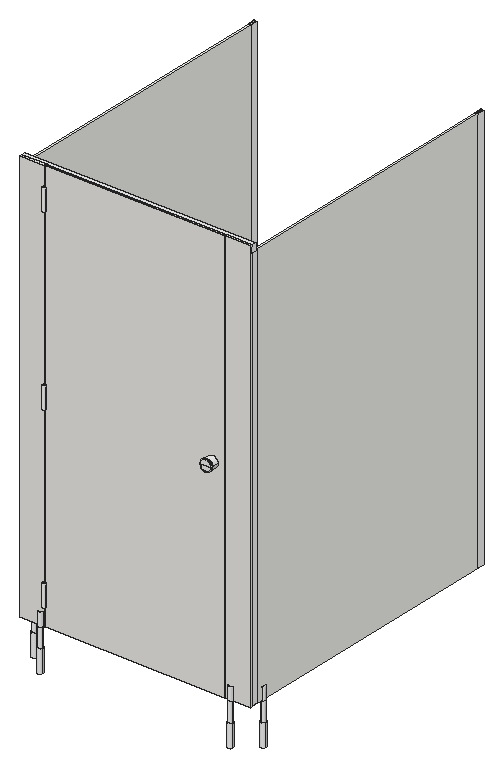
Revit family "Alsanit - Kabiny sanitarne SOLARI - HPL", category Doors, Revit 2020
Family settings
  Work Plane-Based = No
  Always vertical = Yes
  Cut with Voids When Loaded = No
  Shared = No
  Room Calculation Point = No
Parameters (values of type "10 mm")
  Width = 0.00 mm  # constant formula
  Type Comments = "Kabiny sanitarne (ścianki giszetowe do WC)"
  Thickness = Grubość ścianki  # 10.00 mm
  Szerokość drzwi (max. 1000 mm) [instance] = 800.00 mm
  Rough Width = 0.00 mm  # constant formula
  Rough Height = 0.00 mm  # constant formula
  Podcięcie na geberit - prawe [instance] = no
  Podcięcie na geberit - prawa wartość [instance] = if([Podcięcie na geberit - prawe], Szerokość wewnętrzna modułu / 2 + 50.00 mm, 5.00 mm)  # 5.00 mm
  Podcięcie na geberit - odsunięcie poziome wartość [instance] = if([Podcięcie na geberit - odsunięcie poziome] = 0.00 mm, 5.00 mm, [Podcięcie na geberit - odsunięcie poziome])  # 5.00 mm
  Podcięcie na geberit - odsunięcie poziome [instance] = 0.00 mm
  Podcięcie na geberit - odsunięcie pionowe wartość [instance] = if([Podcięcie na geberit - odsunięcie pionowe] = 0.00 mm, 5.00 mm, [Podcięcie na geberit - odsunięcie pionowe])  # 5.00 mm
  Podcięcie na geberit - odsunięcie pionowe [instance] = 0.00 mm
  Podcięcie na geberit - lewe [instance] = no
  Podcięcie na geberit - lewa wartość [instance] = if([Podcięcie na geberit - lewe], Szerokość wewnętrzna modułu / 2 + 50.00 mm, 5.00 mm)  # 5.00 mm
  Krótki opis = "Kabiny sanitarne ALSANIT posiadające oznaczenie CE zgodnie z parametrami systemu"
  Typ - kabina podwyższana [instance] = no
  Typ - kabina bez prześwitu [instance] = no
  Height = 0.00 mm  # constant formula
  Function = Interior
  Film Instruktażowy = "https://youtu.be/qyrI1CfgFO4"
  Define Thermal Properties by = Schematic Type
  Construction Type = "Kabiny sanitarne"
  Analytic Construction = "<None>"
  Akcesoria - wzmocnienie pionowe prawe [instance] = [Odsunięcie prawej ścianki od osi (min. 70 mm)] > 399.00 mm  # no
  Akcesoria - wzmocnienie pionowe lewe [instance] = (Szerokość wewnętrzna modułu - [Szerokość drzwi (max. 1000 mm)] - [Odsunięcie prawej ścianki od osi (min. 70 mm)]) > 400.00 mm  # no
  Wysokość ścianki łączącej [instance] = if([2030], 2000.00 mm, if(Prawa strona połączona, 2000.00 mm, [Wysokość modułu (2050 - 2600 mm)] - 10.00 mm))  # 2000.00 mm
  Szerokość zewnętrzna modułu [instance] = 1026.00 mm
  Szerokość wewnętrzna modułu [instance] = 1000.00 mm
  Szerokość obliczona [instance] = if(and(Lewa strona przy ścianie, Prawa strona przy ścianie), Szerokość wewnętrzna modułu - 2 * (Grubość ścianki + 7.00 mm), if(or(Lewa strona przy ścianie, Prawa strona przy ścianie), Szerokość wewnętrzna modułu - Grubość ścianki - 7.00 mm, Szerokość wewnętrzna modułu))  # 1000.00 mm
  Odsunięcie ścianki lewej [instance] = if([2600], 10.00 mm, 30.00 mm)  # 30.00 mm
  Odsunięcie górne ścianek frontowych [instance] = if(Belka usztywniająca wzmocniona, 20.00 mm, if([2600], 10.00 mm, 0.00 mm))  # 0.00 mm
  Wysokość szczeliny drzwi [instance] = if([0], 30.00 mm, 188.00 mm)  # 188.00 mm
  Odsunięcie profili w ściance łączącej [instance] = if([2030], 0.00 mm, if(Prawa strona połączona, 0.00 mm, 20.00 mm))  # 0.00 mm
  Wysokość modułu (2050 - 2600 mm) [instance] = 2500.00 mm
  Wysokość modułu [instance] = if([2030], 2030.00 mm, if([Wysokość modułu (2050 - 2600 mm)] < 2050.00 mm, 2050.00 mm, if([Wysokość modułu (2050 - 2600 mm)] > 2600.00 mm, 2600.00 mm, [Wysokość modułu (2050 - 2600 mm)])))  # 2030.00 mm
  Wysokość dolnej szczeliny [instance] = if([0], 1.50 mm, 188.00 mm)  # 188.00 mm
  Wysokość belek frontowych bocznych [instance] = if([0], 0.00 mm, 188.00 mm)  # 188.00 mm
  URL = "https://www.alsanit.pl/"
  Typ 2600 prawa strona zamknięta [instance] = and([2600], Prawa strona zamknięta)  # no
  Typ 2600 lewa strona zamknięta [instance] = and([2600], Lewa strona zamknięta)  # no
  Typ 188 prawa strona nie przy ścianie [instance] = and([188], (Prawa strona zamknięta))  # yes
  Typ 188 lewa strona zamknięta [instance] = and([188], Lewa strona zamknięta)  # yes
  Typ 00 prawa strona nie przy ścianie [instance] = and([0], not(Prawa strona przy ścianie))  # no
  Typ 00 lewa strona zamknięta [instance] = and([0], Lewa strona zamknięta)  # no
  2600 [instance] = [Typ - kabina podwyższana]  # no
  2030 [instance] = not([Typ - kabina podwyższana])  # yes
  188 [instance] = not([Typ - kabina bez prześwitu])  # yes
  0 [instance] = [Typ - kabina bez prześwitu]  # no
  Rodzaj płyt = "HPL - Wysokociśnieniowy laminat kompaktowy"
  Prawe odsunięcie belki dolnej [instance] = if(Prawa strona przy ścianie, 30.00 mm, 0.00 mm)  # 0.00 mm
  Prawa strona niepołączona [instance] = not(Prawa strona połączona)  # yes
  Prawe odsunięcie belki wzmocnionej [instance] = if([2030], 0.00 mm, if(Prawa strona zamknięta, Prawe odsunięcie osi + Grubość ścianki / 2 + 1.50 mm, 0.00 mm))  # 0.00 mm
  Odsunięcie górne belek frontowych [instance] = if(Belka usztywniająca wzmocniona, 30.00 mm, if([2600], 30.00 mm, 0.00 mm))  # 0.00 mm
  Odsunięcie belek od dołu [instance] = if([0], 28.50 mm, 0.00 mm)  # 0.00 mm
  Lewe odsunięcie belki wzmocnionej [instance] = if([2030], 0.00 mm, if(Lewa strona zamknięta, Prawe odsunięcie osi + Grubość ścianki / 2 + 1.50 mm, 0.00 mm))  # 0.00 mm
  Model = "SOLARI"
  Manufacturer = "Alsanit"
  Lewe odsunięcie belki dolnej [instance] = if(Lewa strona przy ścianie, 30.00 mm, 0.00 mm)  # 0.00 mm
  Lewa strona niepołączona [instance] = not(Lewa strona połączona)  # yes
  Głębokość modułu (max. 1500 mm) [instance] = 1290.00 mm
  Głębokość modułu [instance] = if([Głębokość modułu (max. 1500 mm)] > 1500.00 mm, 1500.00 mm, [Głębokość modułu (max. 1500 mm)])  # 1290.00 mm
  Description = "Kabiny sanitarne SOLARI to idealna kombinacja trwałości i estetyki w najnowszej cenie. Ze względu na estetyczność zastosowań jest najchętniej kupowanym systemem kabin sanitarnych w Polsce."
  Belka usztywniająca wzmocniona [instance] = and([2030], Szerokość wewnętrzna modułu > 1300.00 mm)  # no
  Belka usztywniająca [instance] = not(Belka usztywniająca wzmocniona)  # yes
  Autor = "www.archispace.pl"
  Orientacja - na zewnątrz [instance] = not([Orientacja - do wewnątrz])  # yes
  Orientacja - do wewnątrz [instance] = no
  Wysokość drzwi [instance] = if(Belka usztywniająca wzmocniona, 1990.00 mm, if([2600], 2015.00 mm, 2030.00 mm))  # 2030.00 mm
  Ścianka łącząca [instance] = not(Prawa strona przy ścianie)  # yes
  Szerokość drzwi [instance] = if([Szerokość drzwi (max. 1000 mm)] > 1000.00 mm, 1000.00 mm, [Szerokość drzwi (max. 1000 mm)])  # 800.00 mm
  Prawe odsunięcie osi [instance] = if(Prawa strona zamknięta, Grubość ścianki / 2 + 3.00 mm, if(Prawa strona przy ścianie, Grubość ścianki / 2 + 7.00 mm, 0.00 mm))  # 8.00 mm
  Prawa strona zamknięta typ = Rodzaj połączenia : Zamknięta
  Prawa strona zamknięta [instance] = [Połączenie - prawa strona] = Prawa strona zamknięta typ  # yes
  Prawa strona przy ścianie typ = Rodzaj połączenia : Przy ścianie
  Prawa strona przy ścianie [instance] = [Połączenie - prawa strona] = Prawa strona przy ścianie typ  # no
  Prawa strona połączona typ = Rodzaj połączenia : Połączona
  Prawa strona połączona [instance] = [Połączenie - prawa strona] = Prawa strona połączona typ  # no
  Prawe odsunięcie osi panelu [instance] = if(Prawa strona przy ścianie, 10.00 mm, 0.00 mm)  # 0.00 mm
  Odsunięcie prawej ścianki od osi (min. 70 mm) [instance] = 102.00 mm
  Połączenie - prawa strona [instance] = Rodzaj połączenia : Zamknięta
  Orientacja - odbij lustrzanie [instance] = no
  Materiał płyt = Alsanit - HPL - Biały 9016
  Materiał okuć = Alsanit - Aluminium
  Materiał wsporników = Alsanit - Aluminium
  Materiał belek = Alsanit - Aluminium
  Lewe odsunięcie osi panelu [instance] = if(Lewa strona przy ścianie, 10.00 mm, 0.00 mm)  # 0.00 mm
  Lewe odsunięcie osi [instance] = if(Lewa strona zamknięta, Grubość ścianki / 2 + 3.00 mm, if(Lewa strona przy ścianie, Grubość ścianki / 2 + 7.00 mm, 0.00 mm))  # 8.00 mm
  Lewa strona zamknięta typ = Rodzaj połączenia : Zamknięta
  Lewa strona zamknięta [instance] = [Połączenie - lewa strona] = Lewa strona zamknięta typ  # yes
  Lewa strona przy ścianie typ = Rodzaj połączenia : Przy ścianie
  Lewa strona przy ścianie [instance] = [Połączenie - lewa strona] = Lewa strona przy ścianie typ  # no
  Lewa strona połączona typ = Rodzaj połączenia : Połączona
  Lewa strona połączona [instance] = [Połączenie - lewa strona] = Lewa strona połączona typ  # no
  Odsunięcie lewej ścianki od osi (min. 70 mm) [instance] = 102.00 mm
  Połączenie - lewa strona [instance] = Rodzaj połączenia : Zamknięta
  Grubość ścianki = 10.00 mm
  Default Elevation = 0.00 mm
  Orientacja - bez odbicia [instance] = not([Orientacja - odbij lustrzanie])  # yes
Reference planes
  plane 1 "Center (Front/Back)": y = 0
  plane 2: z = 0
  plane 3 "Center (Left/Right)": x = 0
  plane 4: x = -500
  plane 5: x = 500
  plane 6: x = 505
  plane 7: x = 510
  plane 8: x = -505
  plane 9: x = -510
  plane 10: y = -1290
  plane 11: y = -1300
  plane 12: y = -10
  plane 13: y = -1284
  plane 14: y = -1295
  plane 15 "Lewa oś wstawienia": x = -513
  plane 16 "Prawa oś wstawienia": x = 513
  plane 17: y = -1224.5
  plane 18: x = 403
  plane 19: x = 400
  plane 20: x = -400
  plane 21: x = -403
  plane 22 "Prawe odsunięcie osi panelu": x = 513
  plane 23 "Lewe odsunięcie osi panelu": x = -513
  plane 24: x = 0
  plane 25: x = -423.5
  plane 26: x = 423.5
  plane 27: z = 188
  plane 28 "Wysokość modułu": z = 2030
  plane 29 "Odsunięcie górne ścianek frontowych": z = 2030
  plane 30: y = -1288.5
  plane 31: x = -513
  plane 32: x = 513
  plane 33: z = 100
  plane 34: z = 243.5
  plane 35: z = 2000
  plane 36: z = 188
  plane 37: x = -513
  plane 38: x = 513
  plane 39: z = 188
  plane 40: z = 2000
  plane 41: z = 2030
  plane 42: z = 2000
  plane 43: z = 2030
  plane 44: z = 2035
  plane 45: z = 2000
  plane 46: z = 2000
  plane 47: z = 2030
  plane 48: z = 2000
  plane 49: z = 2030
  plane 50: x = 593
  plane 51: x = -593
  plane 52: z = 2000
  plane 53: z = 2000
  plane 54: z = 2000
  plane 55: z = 2000
  plane 56: x = -5
  plane 57: x = 5
  plane 58: z = 5
  plane 59: y = -5
  plane 60: z = 5
  plane 61: y = -5
Forms (mm)
  Sweep 1, solid, material "Alsanit - HPL - Biały 9016" <- "Materiał płyt", visible <- "Ścianka łącząca"
    path origin (0, 0, 0) x (1, 0, 0) y (0, 0, 1)
      loop
        line (505, 188) -> (505, 2000)
    profile origin (505, 0, 1094) x (-1, 0, 0) y (0, -1, 0)
      loop
        line (5, 10) -> (5, 1284) -> (-5, 1284) -> (-5, 10) -> (5, 10)
  Sweep 2, solid, material "Alsanit - HPL - Biały 9016" <- "Materiał płyt", visible <- "Lewa strona zamknięta"
    path origin (0, 0, 0) x (-1, 0, 0) y (0, 0, 1)
      loop
        line (505, 188) -> (505, 2000)
    profile origin (-505, 0, 1094) x (-1, 0, 0) y (0, -1, 0)
      loop
        line (-5, 10) -> (5, 10) -> (5, 1284) -> (-5, 1284) -> (-5, 10)
  Sweep 3, solid, material "Alsanit - Aluminium" <- "Materiał belek", visible <- "Ścianka łącząca", detail levels medium+fine
    path origin (0, 0, 0) x (1, 0, 0) y (0, 0, 1)
      loop
        line (505, 2000) -> (505, 188)
    profile "U-profile : U-profile" origin (505, 0, 1094) x (1, 0, 0) y (0, -1, 0)
      loop
        line (6.5, 0) -> (6.5, 30) -> (5, 30) -> (5, 1.5) -> (-5, 1.5) -> (-5, 30) -> (-6.5, 30) -> (-6.5, 0) -> (6.5, 0)
  Sweep 4, solid, material "Alsanit - Aluminium" <- "Materiał belek", visible <- "Lewa strona zamknięta", detail levels medium+fine
    path origin (0, 0, 0) x (-1, 0, 0) y (0, 0, 1)
      loop
        line (505, 2000) -> (505, 188)
    profile "U-profile : U-profile" origin (-505, 0, 1094) x (1, 0, 0) y (0, -1, 0)
      loop
        line (6.5, 0) -> (6.5, 30) -> (5, 30) -> (5, 1.5) -> (-5, 1.5) -> (-5, 30) -> (-6.5, 30) -> (-6.5, 0) -> (6.5, 0)
  Sweep 5, solid, material "Alsanit - Aluminium" <- "Materiał belek", visible <- "Lewa strona zamknięta", detail levels medium+fine
    path origin (673.537, -1290, 1200) x (1, 0, 0) y (0, 0, 1)
      loop
        line (-1178.537, 800) -> (-1178.537, -1012)
    profile "U-profile : U-profile" origin (-505, -1290, 1094) x (1, 0, 0) y (0, -1, 0)
      loop
        line (-6.5, 0) -> (-6.5, -30) -> (-5, -30) -> (-5, -1.5) -> (5, -1.5) -> (5, -30) -> (6.5, -30) -> (6.5, 0) -> (-6.5, 0)
  Sweep 6, solid, material "Alsanit - Aluminium" <- "Materiał belek", visible <- "Ścianka łącząca", detail levels medium+fine
    path origin (673.537, -1290, 1200) x (1, 0, 0) y (0, 0, 1)
      loop
        line (-168.537, 800) -> (-168.537, -1012)
    profile "U-profile : U-profile" origin (505, -1290, 1094) x (1, 0, 0) y (0, -1, 0)
      loop
        line (-6.5, 0) -> (-6.5, -30) -> (-5, -30) -> (-5, -1.5) -> (5, -1.5) -> (5, -30) -> (6.5, -30) -> (6.5, 0) -> (-6.5, 0)
  Extrusion 7, solid, material "Alsanit - HPL - Biały 9016" <- "Materiał płyt", detail levels medium+fine
    sketch origin (0, 0, 0) x (1, 0, 0) y (0, 1, 0)
      loop
        line (-513, -1290) -> (-513, -1300) -> (-403, -1300) -> (-403, -1290) -> (-513, -1290)
    from 188 to 2030
  Extrusion 8, solid, material "Alsanit - HPL - Biały 9016" <- "Materiał płyt", detail levels medium+fine
    sketch origin (0, 0, 0) x (-1, 0, 0) y (0, -1, 0)
      loop
        line (-513, 1290) -> (-403, 1290) -> (-403, 1300) -> (-513, 1300) -> (-513, 1290)
    from 188 to 2030
  Sweep 9, solid, material "Alsanit - Aluminium" <- "Materiał belek", visible <- "Lewa strona przy ścianie", detail levels medium+fine
    path origin (-771.956, -1295, 1200) x (-1, 0, 0) y (0, 0, 1)
      loop
        line (-258.956, -1012) -> (-258.956, 830)
    profile "U-profile : U-profile" origin (-513, -1295, 1109) x (1, 0, 0) y (0, 1, 0)
      loop
        line (0, -6.5) -> (30, -6.5) -> (30, -5) -> (1.5, -5) -> (1.5, 5) -> (30, 5) -> (30, 6.5) -> (0, 6.5) -> (0, -6.5)
  Sweep 10, solid, material "Alsanit - Aluminium" <- "Materiał belek", visible <- "Prawa strona przy ścianie", detail levels medium+fine
    path origin (771.956, -1295, 1200) x (1, 0, 0) y (0, 0, -1)
      loop
        line (-258.956, 1012) -> (-258.956, -830)
    profile "U-profile : U-profile" origin (513, -1295, 1109) x (1, 0, 0) y (0, 1, 0)
      loop
        line (0, 6.5) -> (-30, 6.5) -> (-30, 5) -> (-1.5, 5) -> (-1.5, -5) -> (-30, -5) -> (-30, -6.5) -> (0, -6.5) -> (0, 6.5)
  Sweep 11, solid, material "Alsanit - Aluminium" <- "Materiał belek", visible <- "Belka usztywniająca", detail levels medium+fine
    path origin (673.537, -1290, 1200) x (1, 0, 0) y (0, 0, 1)
      loop
        line (-1186.537, 830) -> (-160.537, 830)
    profile origin (0, -1290, 2030) x (0, 0, 1) y (0, -1, 0)
      loop
        line (0, 0) -> (-30, 0) -> (-30, -18) -> (0, -18) -> (0, 0)
  Extrusion 12, solid, material "Alsanit - HPL - Biały 9016" <- "Materiał płyt", detail levels coarse
    sketch origin (0, 0, 0) x (1, 0, 0) y (0, 1, 0)
      loop
        line (-513, -1290) -> (-513, -1300) -> (513, -1300) -> (513, -1290) -> (-513, -1290)
    from 188 to 2030
  Sweep 13, solid, material "Alsanit - Aluminium" <- "Materiał belek", visible <- "Typ 2600 lewa strona zamknięta", detail levels medium+fine
    path origin (-998.294, -1524, 2030) x (-1, 0, 0) y (0, -1, 0)
      loop
        line (-493.294, -1524) -> (-493.294, -235.5)
    profile "U-profile : U-profile" origin (-505, -644.25, 2030) x (1, 0, 0) y (0, 0, 1)
      loop
        line (-6.5, 0) -> (-6.5, -30) -> (-5, -30) -> (-5, -1.5) -> (5, -1.5) -> (5, -30) -> (6.5, -30) -> (6.5, 0) -> (-6.5, 0)
  Sweep 14, solid, material "Alsanit - Aluminium" <- "Materiał belek", visible <- "Typ 2600 prawa strona zamknięta", detail levels medium+fine
    path origin (-998.294, -1524, 2030) x (-1, 0, 0) y (0, -1, 0)
      loop
        line (-1503.294, -1524) -> (-1503.294, -235.5)
    profile "U-profile : U-profile" origin (505, -644.25, 2030) x (1, 0, 0) y (0, 0, 1)
      loop
        line (-6.5, 0) -> (-6.5, -30) -> (-5, -30) -> (-5, -1.5) -> (5, -1.5) -> (5, -30) -> (6.5, -30) -> (6.5, 0) -> (-6.5, 0)
  Sweep 15, solid, material "Alsanit - Aluminium" <- "Materiał belek", not visible, detail levels medium+fine
    path origin (-771.956, -1295, 4200) x (-1, 0, 0) y (0, 0, 1)
      loop
        line (-258.956, -2170) -> (-1284.956, -2170)
    profile "U-profile : U-profile" origin (0, -1295, 2030) x (0, 0, -1) y (0, 1, 0)
      loop
        line (0, -6.5) -> (30, -6.5) -> (30, -5) -> (1.5, -5) -> (1.5, 5) -> (30, 5) -> (30, 6.5) -> (0, 6.5) -> (0, -6.5)
  Sweep 16, solid, material "Alsanit - Aluminium" <- "Materiał belek", visible <- "2600", detail levels medium+fine
    path origin (-771.956, -1295, 1200) x (-1, 0, 0) y (0, 0, 1)
      loop
        line (-258.956, 830) -> (-1284.956, 830)
    profile "U-profile : U-profile" origin (0, -1295, 2030) x (0, 0, -1) y (0, 1, 0)
      loop
        line (0, -6.5) -> (30, -6.5) -> (30, -5) -> (1.5, -5) -> (1.5, 5) -> (30, 5) -> (30, 6.5) -> (0, 6.5) -> (0, -6.5)
  Sweep 17, solid, material "Alsanit - Aluminium" <- "Materiał wsporników", visible <- "Typ 188 prawa strona nie przy ścianie"
    path origin (516, -1224.5, 1200) x (1, 0, 0) y (0, 0, 1)
      loop
        line (-516, -1200) -> (-516, -1100)
    profile origin (0, -1224.5, 50) x (-1, 0, 0) y (0, -1, 0)
      loop
        circle (-510, 0) r 11
  Sweep 18, solid, material "Alsanit - Aluminium" <- "Materiał wsporników", visible <- "Typ 188 lewa strona zamknięta"
    path origin (362, -1224.5, 1200) x (1, 0, 0) y (0, 0, 1)
      loop
        line (-314, -1200) -> (-314, -1100)
    profile origin (48, -1224.5, 50) x (-1, 0, 0) y (0, -1, 0)
      loop
        circle (558, 0) r 11
  Sweep 19, solid, material "Alsanit - Aluminium" <- "Materiał wsporników", visible <- "Typ 188 prawa strona nie przy ścianie"
    path origin (516, -1224.5, 1200) x (1, 0, 0) y (0, 0, 1)
      loop
        line (-516, -956.5) -> (-516, -1012)
    profile origin (0, -1224.5, 215.75) x (0, -1, 0) y (1, 0, 0)
      loop
        line (-10, 510) -> (10, 510)
        arc (10, 510) -> (0, 520) -> (-10, 510) r 10
  Sweep 20, solid, material "Alsanit - Aluminium" <- "Materiał wsporników", visible <- "Typ 188 lewa strona zamknięta"
    path origin (362, -1224.5, 1200) x (1, 0, 0) y (0, 0, 1)
      loop
        line (-314, -1012) -> (-314, -956.5)
    profile origin (48, -1224.5, 215.75) x (-1, 0, 0) y (0, -1, 0)
      loop
        line (558, 10) -> (558, -10)
        arc (558, -10) -> (568, 0) -> (558, 10) r 10
  Sweep 21, solid, material "Alsanit - Aluminium" <- "Materiał wsporników", visible <- "Typ 188 prawa strona nie przy ścianie"
    path origin (516, -1224.5, 1200) x (1, 0, 0) y (0, 0, 1)
      loop
        line (-516, -1012) -> (-516, -1100)
    profile origin (0, -1224.5, 144) x (0, -1, 0) y (1, 0, 0)
      loop
        circle (0, 510) r 10
  Sweep 22, solid, material "Alsanit - Aluminium" <- "Materiał wsporników", visible <- "Typ 188 lewa strona zamknięta"
    path origin (362, -1224.5, 1200) x (1, 0, 0) y (0, 0, 1)
      loop
        line (-314, -1100) -> (-314, -1012)
    profile origin (48, -1224.5, 144) x (-1, 0, 0) y (0, -1, 0)
      loop
        circle (558, 0) r 10
  Sweep 23, solid, material "Alsanit - Aluminium" <- "Materiał wsporników", visible <- "188"
    path origin (-817.898, -1300, 1200) x (-1, 0, 0) y (0, 0, 1)
      loop
        line (-394.398, -1200) -> (-394.398, -1100)
    profile origin (-423.5, -1300, 50) x (1, 0, 0) y (0, 1, 0)
      loop
        circle (0, 0) r 11
  Sweep 24, solid, material "Alsanit - Aluminium" <- "Materiał wsporników", visible <- "188"
    path origin (-817.898, -1300, 1200) x (-1, 0, 0) y (0, 0, 1)
      loop
        line (-394.398, -1012) -> (-394.398, -956.5)
    profile origin (-423.5, -1300, 215.75) x (1, 0, 0) y (0, 1, 0)
      loop
        line (10, 0) -> (-10, 0)
        arc (-10, 0) -> (0, -10) -> (10, 0) r 10
  Sweep 25, solid, material "Alsanit - Aluminium" <- "Materiał wsporników", visible <- "188"
    path origin (-817.898, -1300, 1200) x (-1, 0, 0) y (0, 0, 1)
      loop
        line (-394.398, -1100) -> (-394.398, -1012)
    profile origin (-423.5, -1300, 144) x (1, 0, 0) y (0, 1, 0)
      loop
        circle (0, 0) r 10
  Sweep 26, solid, material "Alsanit - Aluminium" <- "Materiał wsporników", visible <- "188"
    path origin (-817.898, -1300, 1200) x (-1, 0, 0) y (0, 0, 1)
      loop
        line (-1241.398, -1200) -> (-1241.398, -1100)
    profile origin (423.5, -1300, 50) x (1, 0, 0) y (0, 1, 0)
      loop
        circle (0, 0) r 11
  Sweep 27, solid, material "Alsanit - Aluminium" <- "Materiał wsporników", visible <- "188"
    path origin (-817.898, -1300, 1200) x (-1, 0, 0) y (0, 0, 1)
      loop
        line (-1241.398, -1012) -> (-1241.398, -956.5)
    profile origin (423.5, -1300, 215.75) x (1, 0, 0) y (0, 1, 0)
      loop
        arc (-10, 0) -> (0, -10) -> (10, 0) r 10
        line (10, 0) -> (-10, 0)
  Sweep 28, solid, material "Alsanit - Aluminium" <- "Materiał wsporników", visible <- "188"
    path origin (-817.898, -1300, 1200) x (-1, 0, 0) y (0, 0, 1)
      loop
        line (-1241.398, -1100) -> (-1241.398, -1012)
    profile origin (423.5, -1300, 144) x (1, 0, 0) y (0, 1, 0)
      loop
        circle (0, 0) r 10
  Sweep 29, solid, material "Alsanit - Aluminium" <- "Materiał belek", visible <- "Typ 00 lewa strona zamknięta"
    path origin (0, 0, 0) x (1, 0, 0) y (0, 1, 0)
      loop
        line (-505, 0) -> (-505, -1290)
    profile "U-profile : U-profile" origin (-505, -645, 0) x (1, 0, 0) y (0, 0, 1)
      loop
        line (6.5, 0) -> (6.5, 30) -> (5, 30) -> (5, 1.5) -> (-5, 1.5) -> (-5, 30) -> (-6.5, 30) -> (-6.5, 0) -> (6.5, 0)
  Sweep 30, solid, material "Alsanit - Aluminium" <- "Materiał belek", visible <- "Typ 00 prawa strona nie przy ścianie"
    path origin (0, 0, 0) x (-1, 0, 0) y (0, -1, 0)
      loop
        line (-505, 0) -> (-505, 1290)
    profile "U-profile : U-profile" origin (505, -645, 0) x (1, 0, 0) y (0, 0, 1)
      loop
        line (-6.5, 0) -> (6.5, 0) -> (6.5, 30) -> (5, 30) -> (5, 1.5) -> (-5, 1.5) -> (-5, 30) -> (-6.5, 30) -> (-6.5, 0)
  Sweep 31, solid, material "Alsanit - Aluminium" <- "Materiał belek", visible <- "0"
    path origin (0, 0, 0) x (1, 0, 0) y (0, 1, 0)
      loop
        line (-513, -1295) -> (-403, -1295)
    profile "U-profile : U-profile" origin (-458, -1295, 0) x (0, 1, 0) y (0, 0, 1)
      loop
        line (6.5, 0) -> (6.5, 30) -> (5, 30) -> (5, 1.5) -> (-5, 1.5) -> (-5, 30) -> (-6.5, 30) -> (-6.5, 0) -> (6.5, 0)
  Sweep 32, solid, material "Alsanit - Aluminium" <- "Materiał belek", visible <- "0"
    path origin (0, 0, 0) x (-1, 0, 0) y (0, -1, 0)
      loop
        line (-513, 1295) -> (-403, 1295)
    profile "U-profile : U-profile" origin (458, -1295, 0) x (0, -1, 0) y (0, 0, 1)
      loop
        line (-6.5, 0) -> (6.5, 0) -> (6.5, 30) -> (5, 30) -> (5, 1.5) -> (-5, 1.5) -> (-5, 30) -> (-6.5, 30) -> (-6.5, 0)
  Sweep 33, solid, material "Alsanit - HPL - Biały 9016" <- "Materiał płyt", visible <- "2600", detail levels medium+fine
    path origin (-771.956, -1295, 1200) x (-1, 0, 0) y (0, 0, 1)
      loop
        line (-771.956, 830) -> (-771.956, 835)
    profile origin (0, -1295, 2032.5) x (1, 0, 0) y (0, 1, 0)
      loop
        line (400, -5) -> (400, 5) -> (-400, 5) -> (-400, -5) -> (400, -5)
  Sweep 34, solid, material "Alsanit - HPL - Biały 9016" <- "Materiał płyt", visible <- "Akcesoria - wzmocnienie pionowe prawe", detail levels medium+fine
    path origin (-771.956, -1295, 1200) x (-1, 0, 0) y (0, 0, 1)
      loop
        line (-1364.956, -1012) -> (-1364.956, 800)
    profile origin (593, -1295, 1094) x (1, 0, 0) y (0, 1, 0)
      loop
        line (-5, 11) -> (5, 11) -> (5, 106) -> (-5, 106) -> (-5, 11)
  Sweep 35, solid, material "Alsanit - Aluminium" <- "Materiał belek", visible <- "Akcesoria - wzmocnienie pionowe prawe", detail levels medium+fine
    path origin (673.537, -1290, 1200) x (1, 0, 0) y (0, 0, 1)
      loop
        line (-80.537, -1012) -> (-80.537, 800)
    profile "U-profile : U-profile" origin (593, -1290, 1094) x (-1, 0, 0) y (0, -1, 0)
      loop
        line (-6.5, 0) -> (-6.5, -30) -> (-5, -30) -> (-5, -1.5) -> (5, -1.5) -> (5, -30) -> (6.5, -30) -> (6.5, 0) -> (-6.5, 0)
  Sweep 36, solid, material "Alsanit - HPL - Biały 9016" <- "Materiał płyt", visible <- "Akcesoria - wzmocnienie pionowe lewe", detail levels medium+fine
    path origin (1162.956, -1295, 1200) x (1, 0, 0) y (0, 0, -1)
      loop
        line (-1755.956, 1012) -> (-1755.956, -800)
    profile origin (-593, -1295, 1094) x (1, 0, 0) y (0, 1, 0)
      loop
        line (5, 11) -> (5, 106) -> (-5, 106) -> (-5, 11) -> (5, 11)
  Sweep 37, solid, material "Alsanit - Aluminium" <- "Materiał belek", visible <- "Akcesoria - wzmocnienie pionowe lewe", detail levels medium+fine
    path origin (673.537, -1290, 1200) x (1, 0, 0) y (0, 0, 1)
      loop
        line (-1266.537, -1012) -> (-1266.537, 800)
    profile "U-profile : U-profile" origin (-593, -1290, 1094) x (-1, 0, 0) y (0, -1, 0)
      loop
        line (6.5, 0) -> (-6.5, 0) -> (-6.5, -30) -> (-5, -30) -> (-5, -1.5) -> (5, -1.5) -> (5, -30) -> (6.5, -30) -> (6.5, 0)
  Sweep 38, solid, material "Alsanit - Aluminium" <- "Materiał belek", visible <- "Belka usztywniająca wzmocniona"
    path origin (0, -160, 0) x (1, 0, 0) y (0, 1, 0)
      loop
        line (-513, -1135) -> (513, -1135)
    profile origin (0, -1295, 0) x (0, 1, 0) y (0, 0, 1)
      loop
        line (-5, 2000) -> (-5, 2010.006) -> (5, 2010.006) -> (5, 2000) -> (14.963, 2000)
        arc (14.963, 2000) -> (16.154, 2000.393) -> (16.876, 2001.416) r 2
        arc (16.876, 2001.416) -> (19.052, 2016.003) -> (16.878, 2030.59) r 50
        arc (16.878, 2030.59) -> (16.156, 2031.614) -> (14.965, 2032.006) r 2
        line (14.965, 2032.006) -> (14.002, 2032.006) -> (14.002, 2030.606) -> (15.303, 2030.606)
        arc (15.303, 2030.606) -> (17.251, 2021.408) -> (17.387, 2012.006) r 48.5
        line (17.387, 2012.006) -> (-14.028, 2012.006) -> (-14.028, 2032.006) -> (-31.863, 2032.006)
        arc (-31.863, 2032.006) -> (-33.054, 2031.614) -> (-33.776, 2030.589) r 2
        arc (-33.776, 2030.589) -> (-35.948, 2016.003) -> (-33.774, 2001.417) r 50.057
        arc (-33.774, 2001.417) -> (-33.052, 2000.393) -> (-31.861, 2000) r 2
        line (-31.861, 2000) -> (-5, 2000)
  Sweep 39, solid, material "Alsanit - Aluminium" <- "Materiał wsporników", visible <- "Akcesoria - wzmocnienie pionowe lewe", detail levels medium+fine
    path origin (281, -1224.5, 1200) x (1, 0, 0) y (0, 0, 1)
      loop
        line (-312, -1200) -> (-312, -1100)
    profile origin (-31, -1224.5, 50) x (-1, 0, 0) y (0, -1, 0)
      loop
        circle (562, 0) r 11
  Sweep 40, solid, material "Alsanit - Aluminium" <- "Materiał wsporników", visible <- "Akcesoria - wzmocnienie pionowe lewe", detail levels medium+fine
    path origin (281, -1224.5, 1200) x (1, 0, 0) y (0, 0, 1)
      loop
        line (-312, -1100) -> (-312, -1012)
    profile origin (-31, -1224.5, 144) x (-1, 0, 0) y (0, -1, 0)
      loop
        circle (562, 0) r 10
  Sweep 41, solid, material "Alsanit - Aluminium" <- "Materiał wsporników", visible <- "Akcesoria - wzmocnienie pionowe prawe", detail levels medium+fine
    path origin (601, -1224.5, 1200) x (1, 0, 0) y (0, 0, 1)
      loop
        line (-518, -1200) -> (-518, -1100)
    profile origin (83, -1224.5, 50) x (-1, 0, 0) y (0, -1, 0)
      loop
        circle (-510, 0) r 11
  Sweep 42, solid, material "Alsanit - Aluminium" <- "Materiał wsporników", visible <- "Akcesoria - wzmocnienie pionowe prawe", detail levels medium+fine
    path origin (601, -1224.5, 1200) x (1, 0, 0) y (0, 0, 1)
      loop
        line (-518, -1012) -> (-518, -1100)
    profile origin (83, -1224.5, 144) x (0, -1, 0) y (1, 0, 0)
      loop
        circle (0, 510) r 10
  Sweep 43, void
    path origin (0, 0, 0) x (1, 0, 0) y (0, 1, 0)
      loop
        line (0, 0) -> (-5, 0)
    profile origin (-2.5, 0, 0) x (0, -1, 0) y (0, 0, 1)
      loop
        line (0, 5) -> (0, 0) -> (5, 0) -> (5, 5) -> (0, 5)
  Sweep 44, void
    path origin (5, 0, 0) x (1, 0, 0) y (0, 1, 0)
      loop
        line (0, 0) -> (-5, 0)
    profile origin (2.5, 0, 0) x (0, -1, 0) y (0, 0, 1)
      loop
        line (0, 5) -> (0, 0) -> (5, 0) -> (5, 5) -> (0, 5)
Cuts and joins
  joined: Sweep 27, Sweep 28
  joined: Sweep 19, Sweep 21
  joined: Sweep 20, Sweep 22
  joined: Sweep 24, Sweep 25
  Sweep 43 cuts Sweep 4
  Sweep 43 cuts Sweep 2
  Sweep 43 cuts Sweep 29
  Sweep 44 cuts Sweep 1
  Sweep 44 cuts Sweep 3
  Sweep 44 cuts Sweep 30
Lines and regions (mm)
  model lines, style "Doors", detail levels medium+fine
    curve 1: line (403, -1300, 2030) -> (403, -1300, 188)
    curve 3: line (513, -1300, 2030) -> (403, -1300, 2030)
    curve 6: line (-403, -1300, 188) -> (-403, -1300, 2030)
    curve 7: line (-403, -1300, 2030) -> (-513, -1300, 2030)
    curve 10: line (-403, -1290, 188) -> (-403, -1300, 188)
    curve 11: line (403, -1290, 188) -> (403, -1300, 188)
    curve 14: line (-403, -1290, 2030) -> (-403, -1300, 2030)
    curve 15: line (403, -1290, 2030) -> (403, -1300, 2030)
    curve 17: line (403, -1290, 2030) -> (403, -1290, 188)
    curve 19: line (513, -1290, 2030) -> (403, -1290, 2030)
    curve 20: line (403, -1290, 188) -> (513, -1290, 188)
    curve 22: line (-403, -1290, 188) -> (-403, -1290, 2030)
    curve 23: line (-403, -1290, 2030) -> (-513, -1290, 2030)
    curve 24: line (-513, -1290, 188) -> (-403, -1290, 188)
  model lines, style "Doors", visible <- "Prawa strona niepołączona", detail levels medium+fine
    curve 2: line (513, -1300, 188) -> (513, -1300, 2030)
    curve 12: line (513, -1290, 188) -> (513, -1300, 188)
    curve 16: line (513, -1290, 2030) -> (513, -1300, 2030)
    curve 18: line (513, -1290, 188) -> (513, -1290, 2030)
  model lines, style "Doors"
    curve 4: line (403, -1300, 188) -> (513, -1300, 188)
    curve 8: line (-513, -1300, 188) -> (-403, -1300, 188)
  model lines, style "Doors", visible <- "Lewa strona niepołączona", detail levels medium+fine
    curve 5: line (-513, -1300, 2030) -> (-513, -1300, 188)
    curve 9: line (-513, -1290, 188) -> (-513, -1300, 188)
    curve 13: line (-513, -1290, 2030) -> (-513, -1300, 2030)
    curve 21: line (-513, -1290, 2030) -> (-513, -1290, 188)
Dimensions and locks
  equal spacing: plane 5, plane 6, plane 7
  "Grubość ścianki": plane 5 to plane 7
  equal spacing: plane 9, plane 8, plane 4
  "Grubość ścianki": plane 9 to plane 4
  "Głębokość modułu": plane 10 to plane 1 "Center (Front/Back)"
  "Grubość ścianki": plane 11 to plane 10
  locked: plane 12 to plane 1 "Center (Front/Back)" at 10
  locked: plane 10 to plane 13 at 6
  equal spacing: plane 10, plane 14, plane 11
  equal spacing: plane 4, plane 3 "Center (Left/Right)", plane 5
  "Szerokość obliczona": plane 4 to plane 5
  "Lewe odsunięcie osi": plane 15 "Lewa oś wstawienia" to plane 8
  "Prawe odsunięcie osi": plane 6 to plane 16 "Prawa oś wstawienia"
  locked: plane 10 to plane 17 at 65.5
  locked: plane 19 to plane 18 at 3
  locked: plane 21 to plane 20 at 3
  "Szerokość drzwi": plane 20 to plane 19
  equal spacing: plane 20, plane 24, plane 19
  locked: plane 25 to plane 20 at 23.5
  locked: plane 19 to plane 26 at 23.5
  "Odsunięcie prawej ścianki od osi (min. 70 mm)": plane 18 to plane 6
  "Odsunięcie lewej ścianki od osi (min. 70 mm)": plane 8 to plane 21
  "Wysokość modułu": plane 28 "Wysokość modułu" to plane 2
  locked: plane 10 to plane 30 at 1.5
  "Wysokość dolnej szczeliny": plane 27 to level
  locked: plane 33 to plane 2 at 100
  "Lewe odsunięcie belki wzmocnionej": plane 15 "Lewa oś wstawienia" to plane 31
  "Prawe odsunięcie belki wzmocnionej": plane 32 to plane 16 "Prawa oś wstawienia"
  locked: plane 34 to plane 27 at 55.5
  locked: plane 28 "Wysokość modułu" to plane 35 at 30
  "Lewe odsunięcie osi panelu": plane 15 "Lewa oś wstawienia" to plane 23 "Lewe odsunięcie osi panelu"
  "Prawe odsunięcie osi panelu": plane 22 "Prawe odsunięcie osi panelu" to plane 16 "Prawa oś wstawienia"
  "Odsunięcie belek od dołu": plane 36 to plane 27
  "Lewe odsunięcie belki dolnej": plane 15 "Lewa oś wstawienia" to plane 37
  "Prawe odsunięcie belki dolnej": plane 38 to plane 16 "Prawa oś wstawienia"
  "Wysokość belek frontowych bocznych": plane 39 to plane 2
  "Wysokość ścianki łączącej": plane 40 to level
  "Odsunięcie górne belek frontowych": plane 28 "Wysokość modułu" to plane 41
  "Odsunięcie ścianki lewej": plane 28 "Wysokość modułu" to plane 42
  "Odsunięcie górne ścianek frontowych": plane 28 "Wysokość modułu" to plane 29 "Odsunięcie górne ścianek frontowych"
  "Wysokość drzwi": plane 43 to level
  locked: plane 44 to plane 43 at 5
  "Odsunięcie profili w ściance łączącej": plane 40 to plane 45
  "Odsunięcie profili w ściance łączącej": plane 40 to plane 46
  "Odsunięcie górne belek frontowych": plane 28 "Wysokość modułu" to plane 47
  locked: plane 48 to level at 2000
  locked: plane 49 to plane 48 at 30
  "Szerokość zewnętrzna modułu": plane 15 "Lewa oś wstawienia" to plane 16 "Prawa oś wstawienia"
  locked: plane 18 to plane 50 at 190
  locked: plane 51 to plane 21 at 190
  locked: plane 52 to plane 2 at 2000
  locked: plane 53 to level at 2000
  locked: plane 54 to level at 2000
  locked: plane 55 to level at 2000
  "Podcięcie na geberit - lewa wartość": plane 56 to plane 3 "Center (Left/Right)"
  "Podcięcie na geberit - prawa wartość": plane 3 "Center (Left/Right)" to plane 57
  "Podcięcie na geberit - odsunięcie poziome wartość": plane 1 "Center (Front/Back)" to plane 59
  "Podcięcie na geberit - odsunięcie pionowe wartość": plane 58 to level
  "Podcięcie na geberit - odsunięcie pionowe wartość": plane 60 to level
  "Podcięcie na geberit - odsunięcie poziome wartość": plane 1 "Center (Front/Back)" to plane 61
  aligned and locked: level to plane 2
  aligned and locked: plane 5 to Sweep 1 sketch curve
  aligned and locked: Sweep 1 sketch curve to plane 7
  aligned and locked: Sweep 1 sketch curve to plane 13
  aligned and locked: plane 12 to Sweep 1 sketch curve
  aligned and locked: Sweep 2 sketch curve to plane 12
  aligned and locked: plane 9 to Sweep 2 sketch curve
  aligned and locked: plane 4 to Sweep 2 sketch curve
  aligned and locked: plane 13 to Sweep 2 sketch curve
  aligned and locked: plane 6 to Sweep 3 sketch curve
  aligned and locked: Sweep 4 sketch curve to plane 8
  aligned and locked: Sweep 1 sketch curve to plane 6
  aligned and locked: plane 8 to Sweep 2 sketch curve
  aligned and locked: Extrusion 7 sketch curve to plane 21
  aligned and locked: plane 11 to Extrusion 7 sketch curve
  aligned and locked: plane 10 to Extrusion 7 sketch curve
  aligned and locked: Extrusion 7 sketch curve to plane 23 "Lewe odsunięcie osi panelu"
  aligned and locked: Extrusion 8 sketch curve to plane 18
  aligned and locked: Extrusion 8 sketch curve to plane 11
  aligned and locked: Extrusion 8 sketch curve to plane 10
  aligned and locked: plane 22 "Prawe odsunięcie osi panelu" to Extrusion 8 sketch curve
  aligned and locked: plane 10 to nested 1
  aligned and locked: nested 2 to nested 1
  aligned and locked: nested 2 to plane 10
  aligned and locked: nested 1 to plane 24
  aligned and locked: nested 2 to level
  aligned and locked: level to nested 1
  aligned and locked: plane 10 to Extrusion 12 sketch curve
  aligned and locked: plane 11 to Extrusion 12 sketch curve
  aligned and locked: plane 15 "Lewa oś wstawienia" to Extrusion 12 sketch curve
  aligned and locked: Extrusion 12 sketch curve to plane 16 "Prawa oś wstawienia"
  aligned and locked: Extrusion 7 to plane 27
  aligned and locked: Extrusion 8 to plane 27
  aligned and locked: curve 1 to plane 18
  aligned and locked: plane 18 to curve 4
  aligned and locked: curve 4 to plane 27
  aligned and locked: plane 27 to curve 2
  aligned and locked: plane 22 "Prawe odsunięcie osi panelu" to curve 2
  aligned and locked: plane 22 "Prawe odsunięcie osi panelu" to curve 3
  aligned and locked: curve 8 to plane 27
  aligned and locked: plane 23 "Lewe odsunięcie osi panelu" to curve 5
  aligned and locked: plane 21 to curve 6
  aligned and locked: plane 11 to curve 9
  aligned and locked: plane 10 to curve 9
  aligned and locked: curve 10 to plane 21
  aligned and locked: plane 11 to curve 10
  aligned and locked: plane 10 to curve 10
  aligned and locked: curve 11 to plane 18
  aligned and locked: plane 10 to curve 11
  aligned and locked: plane 11 to curve 11
  aligned and locked: plane 10 to curve 12
  aligned and locked: plane 11 to curve 12
  aligned and locked: curve 12 to plane 22 "Prawe odsunięcie osi panelu"
  aligned and locked: plane 10 to curve 13
  aligned and locked: plane 11 to curve 13
  aligned and locked: plane 11 to curve 14
  aligned and locked: plane 10 to curve 14
  aligned and locked: curve 14 to plane 21
  aligned and locked: plane 11 to curve 15
  aligned and locked: plane 10 to curve 15
  aligned and locked: curve 15 to plane 18
  aligned and locked: plane 10 to curve 16
  aligned and locked: plane 11 to curve 16
  aligned and locked: curve 16 to plane 22 "Prawe odsunięcie osi panelu"
  aligned and locked: plane 23 "Lewe odsunięcie osi panelu" to curve 13
  aligned and locked: plane 23 "Lewe odsunięcie osi panelu" to curve 9
  aligned and locked: Extrusion 12 to plane 28 "Wysokość modułu"
  aligned and locked: plane 16 "Prawa oś wstawienia" to Sweep 10 sketch curve
  aligned and locked: plane 15 "Lewa oś wstawienia" to Sweep 9 sketch curve
  aligned and locked: plane 6 to Sweep 6 sketch curve
  aligned and locked: Extrusion 7 to plane 29 "Odsunięcie górne ścianek frontowych"
  aligned and locked: Extrusion 8 to plane 29 "Odsunięcie górne ścianek frontowych"
  aligned and locked: curve 23 to plane 29 "Odsunięcie górne ścianek frontowych"
  aligned and locked: curve 7 to plane 29 "Odsunięcie górne ścianek frontowych"
  aligned and locked: curve 3 to plane 29 "Odsunięcie górne ścianek frontowych"
  aligned and locked: curve 19 to plane 29 "Odsunięcie górne ścianek frontowych"
  aligned and locked: plane 27 to Sweep 1 sketch curve
  aligned and locked: plane 27 to Sweep 2 sketch curve
  aligned and locked: plane 1 "Center (Front/Back)" to Sweep 13 sketch curve
  aligned and locked: Sweep 13 sketch curve to plane 8
  aligned and locked: plane 6 to Sweep 14 sketch curve
  aligned and locked: plane 1 "Center (Front/Back)" to Sweep 14 sketch curve
  aligned and locked: Sweep 15 sketch curve to plane 28 "Wysokość modułu"
  aligned and locked: plane 15 "Lewa oś wstawienia" to Sweep 15 sketch curve
  aligned and locked: plane 16 "Prawa oś wstawienia" to Sweep 15 sketch curve
  aligned and locked: plane 30 to Sweep 13 sketch curve
  aligned and locked: plane 30 to Sweep 14 sketch curve
  aligned and locked: Extrusion 12 to plane 27
  aligned and locked: Sweep 16 sketch curve to plane 28 "Wysokość modułu"
  aligned and locked: plane 16 "Prawa oś wstawienia" to Sweep 16 sketch curve
  aligned and locked: plane 15 "Lewa oś wstawienia" to Sweep 16 sketch curve
  aligned and locked: plane 23 "Lewe odsunięcie osi panelu" to curve 21
  aligned and locked: plane 22 "Prawe odsunięcie osi panelu" to curve 18
  aligned and locked: plane 31 to Sweep 11 sketch curve
  aligned and locked: plane 32 to Sweep 11 sketch curve
  aligned and locked: profile plane to Sweep 26 sketch curve  (x2)
  aligned and locked: profile plane to Sweep 27 sketch curve
  aligned and locked: plane 9 to Sweep 18 sketch curve
  aligned and locked: plane 9 to Sweep 22 sketch curve
  aligned and locked: plane 9 to Sweep 20 sketch curve
  aligned and locked: plane 7 to Sweep 19 sketch curve
  aligned and locked: plane 7 to Sweep 21 sketch curve
  aligned and locked: plane 7 to Sweep 17 sketch curve
  aligned and locked: Sweep 5 sketch curve to plane 35
  aligned and locked: Sweep 4 sketch curve to plane 35
  aligned and locked: plane 1 "Center (Front/Back)" to Sweep 29 sketch curve
  aligned and locked: plane 10 to Sweep 29 sketch curve
  aligned and locked: Sweep 29 sketch curve to plane 8
  aligned and locked: plane 1 "Center (Front/Back)" to Sweep 30 sketch curve
  aligned and locked: plane 10 to Sweep 30 sketch curve
  aligned and locked: plane 6 to Sweep 30 sketch curve
  aligned and locked: plane 36 to Sweep 5 sketch curve
  aligned and locked: plane 36 to Sweep 4 sketch curve
  aligned and locked: plane 36 to Sweep 3 sketch curve
  aligned and locked: plane 36 to Sweep 6 sketch curve
  aligned and locked: plane 21 to Sweep 31 sketch curve
  aligned and locked: Sweep 31 sketch curve to plane 14
  aligned and locked: Sweep 31 sketch curve to plane 37
  aligned and locked: plane 18 to Sweep 32 sketch curve
  aligned and locked: plane 14 to Sweep 32 sketch curve
  aligned and locked: plane 38 to Sweep 32 sketch curve
  aligned and locked: plane 39 to Sweep 9 sketch curve
  aligned and locked: Sweep 10 sketch curve to plane 39
  aligned and locked: plane 40 to Sweep 1 sketch curve
  aligned and locked: plane 41 to Sweep 9 sketch curve
  aligned and locked: plane 42 to Sweep 2 sketch curve
  aligned and locked: plane 24 to Sweep 33 sketch curve
  aligned and locked: plane 44 to Sweep 33 sketch curve
  aligned and locked: Sweep 33 sketch curve to plane 29 "Odsunięcie górne ścianek frontowych"
  aligned and locked: plane 45 to Sweep 6 sketch curve
  aligned and locked: plane 46 to Sweep 3 sketch curve
  aligned and locked: plane 47 to Sweep 10 sketch curve
  aligned and locked: Sweep 11 sketch curve to plane 48
  aligned and locked: Sweep 11 sketch curve to plane 49
  aligned and locked: Sweep 34 sketch curve to plane 50
  aligned and locked: plane 51 to Sweep 36 sketch curve
  aligned and locked: plane 51 to Sweep 37 sketch curve
  aligned and locked: plane 16 "Prawa oś wstawienia" to Sweep 38 sketch curve
  aligned and locked: plane 15 "Lewa oś wstawienia" to Sweep 38 sketch curve
  aligned and locked: Sweep 38 sketch curve to plane 14
  aligned and locked: plane 52 to Sweep 37 sketch curve
  aligned and locked: plane 53 to Sweep 36 sketch curve
  aligned and locked: plane 55 to Sweep 34 sketch curve
  aligned and locked: plane 51 to Sweep 39 sketch curve
  aligned and locked: plane 17 to Sweep 39 sketch curve
  aligned and locked: plane 17 to Sweep 40 sketch curve
  aligned and locked: plane 51 to Sweep 40 sketch curve
  aligned and locked: plane 17 to Sweep 41 sketch curve
  aligned and locked: plane 50 to Sweep 41 sketch curve
  aligned and locked: plane 50 to Sweep 42 sketch curve
  aligned and locked: plane 17 to Sweep 42 sketch curve
  aligned and locked: plane 56 to Sweep 43 sketch curve
  aligned and locked: plane 3 "Center (Left/Right)" to Sweep 43 sketch curve
  aligned and locked: Sweep 43 sketch curve to plane 1 "Center (Front/Back)"
  aligned and locked: Sweep 43 sketch curve to plane 58
  aligned and locked: Sweep 43 sketch curve to plane 59
  aligned and locked: level to Sweep 43 sketch curve
  aligned and locked: plane 1 "Center (Front/Back)" to Sweep 43 sketch curve
  aligned and locked: Sweep 44 sketch curve to plane 60
  aligned and locked: Sweep 44 sketch curve to plane 61
  aligned and locked: plane 3 "Center (Left/Right)" to Sweep 44 sketch curve
  aligned and locked: plane 57 to Sweep 44 sketch curve
  aligned and locked: Sweep 44 sketch curve to plane 1 "Center (Front/Back)"
  aligned and locked: plane 1 "Center (Front/Back)" to Sweep 44 sketch curve
  aligned and locked: level to Sweep 44 sketch curve
Automatic sketch dimensions
  curve 22 to plane 21 = 0.00 mm
  curve 20 to plane 18 = 0.00 mm
  curve 24 to plane 27 = 0.00 mm
  curve 17 to plane 27 = 0.00 mm
  Sweep 5 sketch curve to plane 8 = 0.00 mm
  Sweep 11 sketch curve to plane 28 "Wysokość modułu" = 0.00 mm
  Sweep 11 sketch curve to plane 10 = 0.00 mm
  Sweep 11 sketch curve to Sweep 11 sketch curve = 18.00 mm
  Sweep 17 sketch curve to plane 3 "Center (Left/Right)" = 0.00 mm
  Sweep 17 sketch curve to level = 0.00 mm
  Sweep 17 sketch curve to plane 33 = 0.00 mm
  plane 17 to Sweep 17 sketch curve = 0.00 mm
  Sweep 18 sketch curve to plane 33 = 0.00 mm
  Sweep 18 sketch curve to level = 0.00 mm
  plane 57 to Sweep 18 sketch curve = 43.00 mm
  plane 17 to Sweep 18 sketch curve = 0.00 mm
  Sweep 19 sketch curve to plane 3 "Center (Left/Right)" = 0.00 mm
  Sweep 19 sketch curve to plane 27 = 0.00 mm
  Sweep 19 sketch curve to plane 34 = 0.00 mm
  plane 17 to Sweep 19 sketch curve = 0.00 mm
  Sweep 19 sketch curve to Sweep 19 sketch curve = 10.00 mm
  Sweep 20 sketch curve to plane 34 = 0.00 mm
  Sweep 20 sketch curve to plane 27 = 0.00 mm
  plane 57 to Sweep 20 sketch curve = 43.00 mm
  plane 17 to Sweep 20 sketch curve = 0.00 mm
  Sweep 20 sketch curve to plane 17 = 10.00 mm
  Sweep 21 sketch curve to plane 3 "Center (Left/Right)" = 0.00 mm
  Sweep 21 sketch curve to plane 33 = 0.00 mm
  Sweep 21 sketch curve to plane 27 = 0.00 mm
  plane 17 to Sweep 21 sketch curve = 0.00 mm
  Sweep 22 sketch curve to plane 27 = 0.00 mm
  Sweep 22 sketch curve to plane 33 = 0.00 mm
  plane 57 to Sweep 22 sketch curve = 43.00 mm
  plane 17 to Sweep 22 sketch curve = 0.00 mm
  Sweep 23 sketch curve to plane 25 = 0.00 mm
  Sweep 23 sketch curve to level = 0.00 mm
  Sweep 23 sketch curve to plane 33 = 0.00 mm
  Sweep 23 sketch curve to plane 11 = 0.00 mm
  Sweep 23 sketch curve to profile plane = 0.00 mm
  Sweep 24 sketch curve to plane 25 = 0.00 mm
  Sweep 24 sketch curve to plane 27 = 0.00 mm
  Sweep 24 sketch curve to plane 34 = 0.00 mm
  Sweep 24 sketch curve to plane 11 = 0.00 mm
  Sweep 24 sketch curve to profile plane = 0.00 mm
  Sweep 24 sketch curve to Sweep 24 sketch curve = 10.00 mm
  Sweep 25 sketch curve to plane 25 = 0.00 mm
  Sweep 25 sketch curve to plane 33 = 0.00 mm
  Sweep 25 sketch curve to plane 27 = 0.00 mm
  Sweep 25 sketch curve to plane 11 = 0.00 mm
  Sweep 25 sketch curve to profile plane = 0.00 mm
  Sweep 26 sketch curve to plane 26 = 0.00 mm
  Sweep 26 sketch curve to level = 0.00 mm
  Sweep 26 sketch curve to plane 33 = 0.00 mm
  Sweep 27 sketch curve to plane 26 = 0.00 mm
  Sweep 27 sketch curve to plane 27 = 0.00 mm
  Sweep 27 sketch curve to plane 34 = 0.00 mm
  Sweep 27 sketch curve to plane 11 = 0.00 mm
  Sweep 27 sketch curve to Sweep 27 sketch curve = 10.00 mm
  Sweep 28 sketch curve to plane 26 = 0.00 mm
  Sweep 28 sketch curve to plane 33 = 0.00 mm
  Sweep 28 sketch curve to plane 27 = 0.00 mm
  Sweep 28 sketch curve to plane 11 = 0.00 mm
  Sweep 28 sketch curve to profile plane = 0.00 mm
  Sweep 33 sketch curve to plane 14 = 5.00 mm
  profile plane to Sweep 33 sketch curve = 400.00 mm
  plane 14 to Sweep 33 sketch curve = 5.00 mm
  Sweep 33 sketch curve to profile plane = 400.00 mm
  Sweep 34 sketch curve to plane 27 = 0.00 mm
  profile plane to Sweep 34 sketch curve = 5.00 mm
  Sweep 34 sketch curve to profile plane = 5.00 mm
  plane 14 to Sweep 34 sketch curve = 11.00 mm
  Sweep 34 sketch curve to Sweep 34 sketch curve = 95.00 mm
  Sweep 35 sketch curve to plane 35 = 0.00 mm
  plane 50 to Sweep 35 sketch curve = 0.00 mm
  Sweep 35 sketch curve to plane 27 = 0.00 mm
  Sweep 36 sketch curve to plane 27 = 0.00 mm
  profile plane to Sweep 36 sketch curve = 5.00 mm
  Sweep 36 sketch curve to profile plane = 5.00 mm
  plane 14 to Sweep 36 sketch curve = 11.00 mm
  Sweep 36 sketch curve to Sweep 36 sketch curve = 95.00 mm
  Sweep 37 sketch curve to plane 27 = 0.00 mm
  Sweep 38 sketch curve to Sweep 38 sketch curve = 0.00 mm  (x5)
  profile plane to Sweep 38 sketch curve = 31.863 mm
  Sweep 38 sketch curve to Sweep 38 sketch curve = 0.002 mm
  Sweep 38 sketch curve to Sweep 38 sketch curve = 0.916 mm
  profile plane to Sweep 38 sketch curve = 14.028 mm
  profile plane to Sweep 38 sketch curve = 5.00 mm
  Sweep 38 sketch curve to profile plane = 5.00 mm
  Sweep 38 sketch curve to profile plane = 14.002 mm
  Sweep 38 sketch curve to Sweep 38 sketch curve = 9.11 mm
  Sweep 38 sketch curve to Sweep 38 sketch curve = 9.963 mm
  Sweep 38 sketch curve to Sweep 38 sketch curve = 0.963 mm
  Sweep 38 sketch curve to Sweep 38 sketch curve = 0.337 mm
  Sweep 38 sketch curve to Sweep 38 sketch curve = 3.278 mm
  plane 2 to Sweep 38 sketch curve = 2000.00 mm
  Sweep 38 sketch curve to Sweep 38 sketch curve = 2.00 mm  (x3)
  Sweep 38 sketch curve to Sweep 38 sketch curve = 10.006 mm  (x2)
  Sweep 38 sketch curve to Sweep 38 sketch curve = 14.006 mm
  Sweep 38 sketch curve to Sweep 38 sketch curve = 4.00 mm
  Sweep 38 sketch curve to Sweep 38 sketch curve = 14.00 mm
  Sweep 38 sketch curve to Sweep 38 sketch curve = 0.60 mm
  Sweep 38 sketch curve to Sweep 38 sketch curve = 1.40 mm
  Sweep 39 sketch curve to plane 33 = 0.00 mm
  Sweep 39 sketch curve to level = 0.00 mm
  Sweep 39 sketch curve to plane 56 = 26.00 mm
  Sweep 40 sketch curve to plane 27 = 0.00 mm
  Sweep 40 sketch curve to plane 33 = 0.00 mm
  Sweep 40 sketch curve to plane 56 = 26.00 mm
  Sweep 41 sketch curve to plane 33 = 0.00 mm
  Sweep 41 sketch curve to level = 0.00 mm
  plane 57 to Sweep 41 sketch curve = 78.00 mm
  Sweep 42 sketch curve to plane 33 = 0.00 mm
  Sweep 42 sketch curve to plane 27 = 0.00 mm
  plane 57 to Sweep 42 sketch curve = 78.00 mm
  radius of Sweep 17 sketch curve = 11.00 mm
  radius of Sweep 18 sketch curve = 11.00 mm
  radius of Sweep 21 sketch curve = 10.00 mm
  radius of Sweep 22 sketch curve = 10.00 mm
  radius of Sweep 23 sketch curve = 11.00 mm
  radius of Sweep 25 sketch curve = 10.00 mm
  radius of Sweep 26 sketch curve = 11.00 mm
  radius of Sweep 28 sketch curve = 10.00 mm
  radius of Sweep 39 sketch curve = 11.00 mm
  radius of Sweep 40 sketch curve = 10.00 mm
  radius of Sweep 41 sketch curve = 11.00 mm
  radius of Sweep 42 sketch curve = 10.00 mm
Nested families
  nested 1: "front" at (0, -1290, 0), visible <- "Orientacja - bez odbicia", Szerokość drzwi <- "Szerokość drzwi", Grubość ścianki <- "Grubość ścianki", Wysokość dolnej szczeliny <- "Wysokość szczeliny drzwi", type "front", detail levels medium+fine
    with Wysokość dolnej szczeliny 188.00 mm, Szerokość drzwi 800.00 mm, Grubość ścianki 10.00 mm
  nested 2: "front" at (0, -1290, 0) x (-1, 0, 0) z (0, 0, 1), visible <- "Orientacja - odbij lustrzanie", Szerokość drzwi <- "Szerokość drzwi", Grubość ścianki <- "Grubość ścianki", Wysokość dolnej szczeliny <- "Wysokość szczeliny drzwi", type "front", detail levels medium+fine
    with Wysokość dolnej szczeliny 188.00 mm, Szerokość drzwi 800.00 mm, Grubość ścianki 10.00 mm
Definition of nested family "front"
  Parameters (values of type "front")
    Wysokość drzwi = 2030.00 mm
    Wysokość dolnej szczeliny [instance] = 188.00 mm
    Szerokość drzwi [instance] = 900.00 mm
    Materiał płyt = none
    Materiał okuć = none
    Grubość ścianki [instance] = 10.00 mm
    Drzwi zewnętrzne = yes
    Drzwi wewnętrzne = no
    Default Elevation = 0.00 mm
  Reference planes
    plane 1 "Center (Front/Back)": y = 0
    plane 2: z = 0
    plane 3 "Center (Left/Right)": x = 0
    plane 4: y = -10
    plane 5: z = 188
    plane 6: z = 2030
    plane 7: x = 450
    plane 8: x = -450
    plane 9: x = 393
    plane 10: y = -17
    plane 11: z = 1110
    plane 12: y = 14
    plane 13: y = 5
    plane 14: z = 1110
    plane 15: x = 469.5
    plane 16: z = 1946.75
    plane 17: z = 1853.25
    plane 18: y = -910
    plane 19: y = 900
  Forms (mm)
    Sweep 1, solid, material <- "Materiał płyt"
      path origin (500, 0, 0) x (-1, 0, 0) y (0, 0, 1)
        loop
          line (500, 188) -> (500, 2030)
      profile origin (0, 0, 1109) x (-1, 0, 0) y (0, -1, 0)
        loop
          line (-450, 0) -> (450, 0) -> (450, 10) -> (-450, 10) -> (-450, 0)
    Revolve 2, solid, material <- "Materiał okuć", detail levels fine
      sketch origin (0, 0, 1110) x (1, 0, 0) y (0, 1, 0)
        loop
          line (393, -10) -> (393, -41) -> (418, -41) -> (418, -10) -> (393, -10)
        loop
          line (393, 14) -> (418, 14) -> (418, 47) -> (393, 47) -> (393, 14)
        axis (393, 47) -> (393, -41)
      angle from 0 to 360
    Revolve 3, solid, material <- "Materiał okuć", visible <- "Drzwi zewnętrzne", detail levels fine
      sketch origin (-489.895, -17, 1200) x (-1, 0, 0) y (0, 0, 1)
        loop
          line (-32.895, -43.25) -> (-39.895, -43.25) -> (-39.895, -136.75) -> (-32.895, -136.75) -> (-32.895, -43.25)
        loop
          line (-32.895, -833.25) -> (-39.895, -833.25) -> (-39.895, -926.75) -> (-32.895, -926.75) -> (-32.895, -833.25)
        loop
          line (-32.895, 746.75) -> (-39.895, 746.75) -> (-39.895, 653.25) -> (-32.895, 653.25) -> (-32.895, 746.75)
        axis (-39.895, 746.75) -> (-39.895, -926.75)
      angle from 0 to 360
    Revolve 4, solid, material <- "Materiał okuć", detail levels fine
      sketch origin (0, 0, 1110) x (1, 0, 0) y (0, 1, 0)
        loop
          line (393, -41) -> (393, -46) -> (417, -46)
          arc (417, -46) -> (418.061, -45.561) -> (418.5, -44.5) r 1.5
          line (418.5, -44.5) -> (418.5, -41) -> (393, -41)
        loop
          line (393, 47) -> (420, 47) -> (420, 52) -> (393, 52) -> (393, 47)
        loop
          line (418, 0) -> (418, 14) -> (393, 14) -> (393, 0) -> (418, 0)
        axis (393, 52) -> (393, -46)
      angle from 0 to 360
    Sweep 5, solid, material <- "Materiał okuć", detail levels fine
      path origin (366, -1524, 1110) x (-1, 0, 0) y (0, -1, 0)
        loop
          line (-84, -1529) -> (-84, -1538)
      profile origin (450, 9.5, 1110) x (-1, 0, 0) y (0, 0, 1)
        loop
          line (48.128, 23.373) -> (-4.314, 8.829)
          arc (-4.314, 8.829) -> (-11.028, 0) -> (-4.314, -8.829) r 9.162
          line (-4.314, -8.829) -> (48.128, -23.373) -> (48.128, 23.373)
    Extrusion 6, solid, material <- "Materiał okuć", detail levels fine
      sketch origin (0, 0, 0) x (1, 0, 0) y (0, 0, 1)
        loop
          line (-9.496, 1782.645) -> (-9.496, 1777.392) -> (9.496, 1777.392) -> (9.496, 1782.645)
          arc (9.496, 1782.645) -> (4.682, 1788.517) -> (5.976, 1795.998) r 9.126
          arc (5.976, 1795.998) -> (0, 1807.33) -> (-5.976, 1795.998) r 7.241
          arc (-5.976, 1795.998) -> (-4.682, 1788.517) -> (-9.496, 1782.645) r 9.126
      from -5 to 0
    Extrusion 7, solid, material <- "Materiał okuć", detail levels fine
      sketch origin (42.235, -68.236, -0.053) x (-0.601815, 0.798636, 0) y (0, 0, -1)
        loop
          arc (104.856, -1789.865) -> (110.41, -1793.768) -> (114.787, -1788.58) r 5.027
          arc (114.787, -1788.58) -> (112.823, -1783.23) -> (108.108, -1780.03) r 9.3
          arc (108.108, -1780.03) -> (100.618, -1778.3) -> (92.979, -1777.445) r 66.588
          line (92.979, -1777.445) -> (85.678, -1777.445) -> (85.678, -1782.715)
          arc (85.678, -1782.715) -> (92.474, -1781.484) -> (99.218, -1782.976) r 17.523
          arc (99.218, -1782.976) -> (102.86, -1785.747) -> (104.856, -1789.865) r 9.85
      from 0 to -7.113
    Extrusion 8, solid, material <- "Materiał okuć", detail levels fine
      sketch origin (-42.235, -68.236, -0.053) x (0.601815, 0.798636, 0) y (0, 0, 1)
        loop
          arc (104.856, 1789.865) -> (102.86, 1785.747) -> (99.218, 1782.976) r 9.85
          arc (99.218, 1782.976) -> (92.474, 1781.484) -> (85.678, 1782.715) r 17.523
          line (85.678, 1782.715) -> (85.678, 1777.445) -> (92.979, 1777.445)
          arc (92.979, 1777.445) -> (100.618, 1778.3) -> (108.108, 1780.03) r 66.588
          arc (108.108, 1780.03) -> (112.823, 1783.23) -> (114.787, 1788.58) r 9.3
          arc (114.787, 1788.58) -> (110.41, 1793.768) -> (104.856, 1789.865) r 5.027
      from 0 to -7.113
    Revolve 9, solid, material <- "Materiał okuć", visible <- "Drzwi wewnętrzne", detail levels fine
      sketch origin (-489.895, 7, 1200) x (-1, 0, 0) y (0, 0, -1)
        loop
          line (-32.895, 43.25) -> (-32.895, 136.75) -> (-39.895, 136.75) -> (-39.895, 43.25) -> (-32.895, 43.25)
        loop
          line (-32.895, 833.25) -> (-32.895, 926.75) -> (-39.895, 926.75) -> (-39.895, 833.25) -> (-32.895, 833.25)
        loop
          line (-32.895, -746.75) -> (-32.895, -653.25) -> (-39.895, -653.25) -> (-39.895, -746.75) -> (-32.895, -746.75)
        axis (-39.895, -746.75) -> (-39.895, 926.75)
      angle from 0 to 360
    Revolve 10, solid, material <- "Materiał okuć", detail levels fine
      sketch origin (0, 0, 1110) x (1, 0, 0) y (0, 1, 0)
        loop
          line (461.5, 0) -> (469.5, 0) -> (469.5, 20) -> (448.5, 20) -> (448.5, 15) -> (463.5, 15) -> (463.5, 5) -> (461.5, 5) -> (461.5, 0)
        axis (469.5, 0) -> (469.5, 20)
      angle from 0 to 360
  Cuts and joins
    joined: Revolve 4, Sweep 5
    joined: Extrusion 6, Extrusion 7, Extrusion 8
